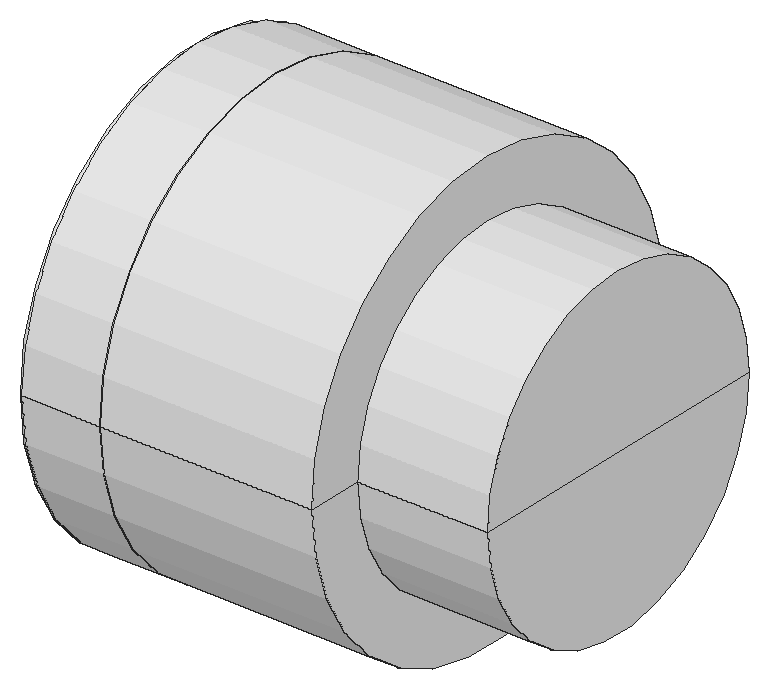
Revit family "BIMLIB_Американка ВР_РОСТерм", category Соединительные детали трубопроводов, Revit 2017
Family settings
  Размер круглого соединителя = Использовать диаметр
  Тип детали = Соединение
  На основе рабочей плоскости = Нет
  Всегда вертикально = Да
  При загрузке вырезать с полостями = Нет
  Общий = Нет
Parameters (values of type "Муфта разъемная (американка) ВP")
  Описание = "Муфта разъемная (американка) внутренняя резьба"  # constant formula
  K Coefficient = 0.5  # constant formula
  Изготовитель = "РОСТерм"
  РТ_dL [instance] = РТ_L - РТ_L1 * 2  # 20 mm
  URL = "http://rostherm.ru/"
  РТ_S2 [instance] = size_lookup("Муфта разъемная (американка) ВP", "РТ_S2", 0 mm, РТ_DN, РТ_GN)  # 63.5 mm
  РТ_S1 [instance] = size_lookup("Муфта разъемная (американка) ВP", "РТ_S1", 0 mm, РТ_DN, РТ_GN)  # 45 mm
  РТ_L1 [instance] = size_lookup("Муфта разъемная (американка) ВP", "РТ_L1", 0 mm, РТ_DN, РТ_GN)  # 16 mm
  РТ_L [instance] = size_lookup("Муфта разъемная (американка) ВP", "РТ_L", 0 mm, РТ_DN, РТ_GN)  # 52 mm
  РТ_GN [instance] = 32 mm
  РТ_D_нар [instance] = РТ_DN * 1.35  # 54 mm
  РТ_DN [instance] = 40 mm
  РТ_D [instance] = РТ_D_нар + 10 mm  # 64 mm
  BL_Разработано = "support@bimlib.ru"  # constant formula
  BL_Email = "rostherm@bimlib.ru"  # constant formula
  BL_BIM library = "https://bimlib.pro/manufacturer/rosterm/1632/"
  ADSK_Примечание = ""
  ADSK_Позиция = ""
  ADSK_Обозначение = "ГОСТ 32415-2013"  # constant formula
  ADSK_Наименование краткое [instance] = size_lookup("КРнаим", "", "-", РТ_DN, РТ_GN)  # "Американка ВР 40х1 1/4”"
  ADSK_Наименование [instance] = size_lookup("Муфта разъемная (американка) ВP", "", "-", РТ_DN, РТ_GN)  # "Муфта разъемная (американка) внутренняя резьба 40x1 1/4”"
  ADSK_Материал = BIMLIB_Белый_РT
  ADSK_Масса_Текст = ""
  ADSK_Масса = 1  # constant formula
  ADSK_Марка [instance] = size_lookup("марка", "", "-", РТ_DN, РТ_GN)  # "ВР 40х1 1/4”"
  ADSK_Код изделия [instance] = size_lookup("код", "", "-", РТ_DN, РТ_GN)  # "BN21114"
  ADSK_Завод-изготовитель = "РОСТерм"  # constant formula
  ADSK_Единица измерения = "шт"  # constant formula
  ADSK_Версия Revit = "2017"
  ADSK_URL страницы изделия = "http://rostherm.ru/truby-i-fitingi-iz-polipropilena-pprt/"
  ADSK_URL документации изделия = "http://rostherm.ru/"
Reference planes
  plane 1 "По центру (Вперед/Назад)": y = 0
  plane 2: z = 0
  plane 3 "По центру (Влево/Вправо)": x = 0
  plane 4: x = -10
  plane 5: x = 10
  plane 6: y = 27
  plane 7: y = -27
  plane 8: x = 26
  plane 9: x = 5
  plane 10: y = 27
  plane 11: y = -27
  plane 12: y = 31.75
  plane 13: y = -31.75
  plane 14: x = 42
  plane 15: y = 20
  plane 16: y = -20
Forms (mm)
  Revolve 1, solid, material "BIMLIB_Белый_РT" <- "ADSK_Материал", detail levels medium+fine
    sketch origin (0, 0, 0) x (1, 0, 0) y (0, 1, 0)
      loop
        arc (-9.5, 27) -> (-9.854, 26.854) -> (-10, 26.5) r 0.5
        line (-10, 26.5) -> (-10, 0) -> (0, 0) -> (0, 27) -> (-9.5, 27)
      axis (-10, 0) -> (0, 0)
    angle from 0 to 360
  Revolve 2, solid, material "BIMLIB_Белый_РT" <- "ADSK_Материал", detail levels medium+fine
    sketch origin (0, 0, 0) x (1, 0, 0) y (0, 1, 0)
      loop
        line (0, 0) -> (26, 0) -> (26, 27) -> (0, 27) -> (0, 0)
      axis (0, 0) -> (26, 0)
    angle from 0 to 360
  Revolve 3, solid, material "BIMLIB_Белый_РT" <- "ADSK_Материал", detail levels medium+fine
    sketch origin (0, 0, 0) x (1, 0, 0) y (0, 1, 0)
      loop
        line (26, 20) -> (26, 0) -> (42, 0) -> (42, 20) -> (26, 20)
      axis (26, 0) -> (42, 0)
    angle from 0 to 360
Lines and regions (mm)
  reference lines
    curve 1: line (-10, 0, 0) -> (26, 0, 0)
Dimensions and locks
  equal spacing: plane 4, plane 3 "По центру (Влево/Вправо)", plane 5
  "РТ_dL": plane 4 to plane 5
  equal spacing: plane 6, plane 1 "По центру (Вперед/Назад)", plane 7
  "РТ_D_нар": plane 6 to plane 7
  plane 3 "По центру (Влево/Вправо)" to plane 9 = 5 mm
  equal spacing: plane 10, plane 1 "По центру (Вперед/Назад)", plane 11
  "РТ_D_нар": plane 10 to plane 11
  equal spacing: plane 12, plane 1 "По центру (Вперед/Назад)", plane 13
  "РТ_S2": plane 12 to plane 13
  "РТ_L": plane 4 to plane 14
  "РТ_L1": plane 8 to plane 14
  equal spacing: plane 15, plane 1 "По центру (Вперед/Назад)", plane 16
  "РТ_DN": plane 15 to plane 16
  radius of Revolve 1 sketch curve = 0.5 mm
  aligned and locked: level to plane 2
  aligned and locked: Revolve 1 sketch curve to plane 6
  aligned and locked: plane 4 to Revolve 1 sketch curve
  aligned and locked: Revolve 1 sketch curve to plane 1 "По центру (Вперед/Назад)"
  aligned and locked: Revolve 1 sketch curve to Revolve 1 sketch curve  (x2)
  aligned and locked: plane 1 "По центру (Вперед/Назад)" to nested 1
  aligned and locked: plane 3 "По центру (Влево/Вправо)" to nested 1
  aligned and locked: plane 4 to nested 1
  aligned and locked: plane 4 to curve 1
  aligned and locked: plane 1 "По центру (Вперед/Назад)" to curve 1
  aligned and locked: nested 1 to plane 8
  aligned and locked: plane 8 to curve 1
  aligned and locked: plane 1 "По центру (Вперед/Назад)" to Revolve 2 sketch curve
  aligned and locked: Revolve 2 sketch curve to Revolve 1
  aligned and locked: plane 10 to Revolve 2 sketch curve
  aligned and locked: Revolve 2 sketch curve to Revolve 2 sketch curve
  aligned and locked: plane 4 to nested 2
  aligned and locked: plane 9 to nested 2
  aligned and locked: nested 2 to plane 8
  aligned and locked: Revolve 3 sketch curve to plane 15
  aligned and locked: Revolve 3 sketch curve to plane 8
  aligned and locked: Revolve 3 sketch curve to plane 1 "По центру (Вперед/Назад)"
  aligned and locked: Revolve 3 sketch curve to plane 14
  aligned and locked: Revolve 3 sketch curve to Revolve 3 sketch curve  (x2)
Automatic sketch dimensions
  Revolve 1 sketch curve to plane 3 "По центру (Влево/Вправо)" = 0 mm  (x2)
  Revolve 1 sketch curve to Revolve 1 sketch curve = 0 mm
  Revolve 2 sketch curve to plane 3 "По центру (Влево/Вправо)" = 0 mm
  Revolve 2 sketch curve to plane 9 = 0 mm
  Revolve 2 sketch curve to plane 8 = 0 mm
  Revolve 3 sketch curve to plane 14 = 0 mm
  Revolve 3 sketch curve to Revolve 3 sketch curve = 2 mm
Nested families
  nested 1: "УГО_Переходник" at (0, 0, 0), Высота_ном <- "РТ_D", type "УГО_Переходник", detail levels coarse
    with Длина_ном 26 mm, Длина ном1 10 mm, Высота_ном 64 mm
  nested 2: "УГО_Переходник" at (5, 0, 0) x (-1, 0, 0) z (0, 0, 1), Высота_ном <- "РТ_D", type "УГО_Переходник", not visible, detail levels coarse+medium
    with Длина_ном 15 mm, Длина ном1 21 mm, Высота_ном 64 mm
Connectors
  piping at (-10, 0, 0), diameter 40, driven by "РТ_DN"
    settings: on curve 1, index 1, connector inside diameter 609.6 mm, connector length 0 mm, flow factor 0, pipe flow 0.0 L/s, pressure drop 0.0 Pa, fitting loss kfactor 0, connector angle 0.00°, fixture units 0, engagement length 0 mm, angle of deflection 0.00°, flow configuration 0, flow direction 0, fitting loss method 4, system type 28, joint type 0, gender type 0, connector reference index 2, connector utility 0, adjustable connector yes, is connector primary yes, connector description ""
  piping at (26, 0, 0), diameter 32, driven by "РТ_GN"
    settings: on curve 1, index 2, connector inside diameter 609.6 mm, connector length 0 mm, flow factor 0, pipe flow 0.0 L/s, pressure drop 0.0 Pa, fitting loss kfactor 0, connector angle 0.00°, fixture units 0, engagement length 0 mm, angle of deflection 0.00°, flow configuration 0, flow direction 0, fitting loss method 4, system type 28, joint type 0, gender type 0, connector reference index 1, connector utility 0, adjustable connector yes, is connector primary no, connector description ""
Definition of nested family "УГО_Переходник"
  Parameters (values of type "УГО_Переходник")
    Длина_ном [instance] = 70 mm
    Длина ном1 [instance] = 70 mm
    Высота_ном [instance] = 40 mm
  Reference planes
    plane 1 "По центру (Вперед/Назад)": y = 0
    plane 2: z = 0
    plane 3 "По центру (Влево/Вправо)": x = 0
    plane 4: z = 20
    plane 5: z = -20
    plane 6: x = -70
    plane 7: x = 70
    plane 8: y = 20
    plane 9: y = -20
  Lines and regions (mm)
    model lines, not visible, detail levels coarse+medium
      curve 1: line (-70, 0, 20) -> (-70, 0, -20)
      curve 8: line (-70, 0, -20) -> (70, 0, 0)
      curve 9: line (-70, 0, 20) -> (70, 0, 0)
    symbolic lines, detail levels coarse+medium
      curve 2: line (-70, -20, 0) -> (-70, 20, 0)
      curve 6: line (-70, 20, 0) -> (70, 0, 0)
      curve 7: line (-70, -20, 0) -> (70, 0, 0)
    model lines, detail levels coarse+medium
      curve 3: line (-70, -20, 0) -> (-70, 20, 0)
      curve 4: line (-70, 20, 0) -> (70, 0, 0)
      curve 5: line (-70, -20, 0) -> (70, 0, 0)
  Dimensions and locks
    equal spacing: plane 4, plane 2, plane 5
    "Высота_ном": plane 4 to plane 5
    equal spacing: plane 8, plane 1 "По центру (Вперед/Назад)", plane 9
    "Высота_ном": plane 8 to plane 9
    "Длина_ном": plane 3 "По центру (Влево/Вправо)" to plane 7
    "Длина ном1": plane 6 to plane 3 "По центру (Влево/Вправо)"
    aligned and locked: level to plane 2
    aligned and locked: plane 9 to curve 5
    aligned and locked: plane 1 "По центру (Вперед/Назад)" to curve 5
    aligned and locked: plane 8 to curve 6
    aligned and locked: plane 6 to curve 6
    aligned and locked: plane 4 to curve 9
    aligned and locked: plane 7 to curve 9
    aligned and locked: plane 7 to curve 5
    aligned and locked: plane 7 to curve 4
    aligned and locked: plane 6 to curve 1
    aligned and locked: plane 6 to curve 9
    aligned and locked: plane 5 to curve 1
  Automatic sketch dimensions
    curve 8 to level = 0 mm
    curve 6 to plane 7 = 0 mm
